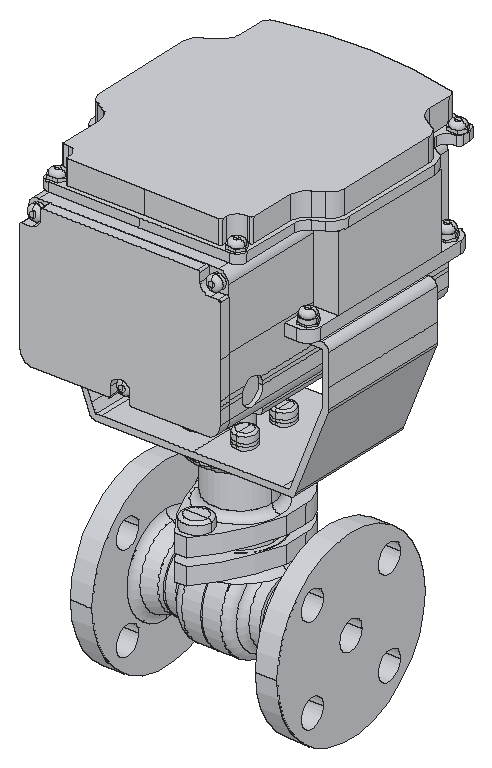
Revit family "電動二方弁_ver2021(ロゴなし)", category 電気設備, Revit 2021 (continued)
Automatic sketch dimensions
  Extrusion 41 sketch curve to Extrusion 41 sketch curve = 3.7 mm
  Extrusion 41 sketch curve to Extrusion 41 sketch curve = 7 mm
  plane 1 "中心(正面/背面)" to Extrusion 41 sketch curve = 36.395 mm
  Extrusion 41 sketch curve to plane 1 "中心(正面/背面)" = 60.605 mm
  Extrusion 41 sketch curve to Extrusion 41 sketch curve = 0.7 mm
  Extrusion 41 sketch curve to Extrusion 41 sketch curve = 7.785 mm
  Extrusion 41 sketch curve to Extrusion 41 sketch curve = 2.098 mm
  Extrusion 41 sketch curve to Extrusion 41 sketch curve = 0 mm
  Extrusion 41 sketch curve to Extrusion 41 sketch curve = 1.226 mm
  Extrusion 42 sketch curve to plane 3 "中心(左/右)" = 51.5 mm
  Extrusion 42 sketch curve to Extrusion 42 sketch curve = 5.8 mm
  Extrusion 42 sketch curve to Extrusion 42 sketch curve = 6 mm
  Extrusion 42 sketch curve to Extrusion 42 sketch curve = 6.5 mm
  Extrusion 42 sketch curve to Extrusion 42 sketch curve = 0.5 mm
  Extrusion 42 sketch curve to Extrusion 42 sketch curve = 3.7 mm
  Extrusion 42 sketch curve to Extrusion 42 sketch curve = 7 mm
  Extrusion 42 sketch curve to plane 1 "中心(正面/背面)" = 69.302 mm
  Extrusion 42 sketch curve to Extrusion 42 sketch curve = 0.212 mm
  Extrusion 42 sketch curve to Extrusion 42 sketch curve = 7.997 mm
  Extrusion 42 sketch curve to Extrusion 42 sketch curve = 0.7 mm
  plane 1 "中心(正面/背面)" to Extrusion 42 sketch curve = 29.395 mm
  Extrusion 42 sketch curve to Extrusion 42 sketch curve = 0 mm
  Extrusion 42 sketch curve to Extrusion 42 sketch curve = 1.226 mm
  Extrusion 43 sketch curve to plane 3 "中心(左/右)" = 64.592 mm
  Extrusion 43 sketch curve to Extrusion 43 sketch curve = 3.729 mm
  Extrusion 43 sketch curve to Extrusion 43 sketch curve = 1.085 mm  (x2)
  Extrusion 43 sketch curve to Extrusion 43 sketch curve = 2.797 mm  (x4)
  Extrusion 43 sketch curve to Extrusion 43 sketch curve = 7.85 mm
  Extrusion 43 sketch curve to Extrusion 43 sketch curve = 2.643 mm
  Extrusion 43 sketch curve to level = 130.361 mm
  Extrusion 43 sketch curve to Extrusion 43 sketch curve = 1.447 mm
  Extrusion 44 sketch curve to plane 3 "中心(左/右)" = 28.5 mm
  plane 3 "中心(左/右)" to Extrusion 44 sketch curve = 28.5 mm
  level to Extrusion 44 sketch curve = 161 mm
  Extrusion 44 sketch curve to Extrusion 44 sketch curve = 0.788 mm
  Revolve 45 sketch curve to plane 3 "中心(左/右)" = 60.5 mm
  Revolve 45 sketch curve to Revolve 45 sketch curve = 2.25 mm
  level to Revolve 45 sketch curve = 197.236 mm
  Revolve 45 sketch curve to Revolve 45 sketch curve = 2.264 mm
  Revolve 45 sketch curve to Revolve 45 sketch curve = 0 mm
  Revolve 45 sketch curve to Revolve 45 sketch curve = 0.936 mm
  Revolve 45 sketch curve to Revolve 45 sketch curve = 1.8 mm
  Revolve 46 sketch curve to plane 3 "中心(左/右)" = 60.5 mm
  Revolve 46 sketch curve to Revolve 46 sketch curve = 2.25 mm
  level to Revolve 46 sketch curve = 197.236 mm
  Revolve 46 sketch curve to Revolve 46 sketch curve = 2.264 mm
  Revolve 46 sketch curve to Revolve 46 sketch curve = 0 mm
  Revolve 46 sketch curve to Revolve 46 sketch curve = 0.936 mm
  Revolve 46 sketch curve to Revolve 46 sketch curve = 1.8 mm
  plane 3 "中心(左/右)" to Revolve 47 sketch curve = 56.375 mm
  Revolve 47 sketch curve to Revolve 47 sketch curve = 2.25 mm
  level to Revolve 47 sketch curve = 197.236 mm
  Revolve 47 sketch curve to Revolve 47 sketch curve = 2.264 mm
  Revolve 47 sketch curve to Revolve 47 sketch curve = 0 mm
  Revolve 47 sketch curve to Revolve 47 sketch curve = 0.936 mm
  Revolve 47 sketch curve to Revolve 47 sketch curve = 1.8 mm
  plane 3 "中心(左/右)" to Revolve 48 sketch curve = 56.375 mm
  Revolve 48 sketch curve to Revolve 48 sketch curve = 2.25 mm
  level to Revolve 48 sketch curve = 197.236 mm
  Revolve 48 sketch curve to Revolve 48 sketch curve = 2.264 mm
  Revolve 48 sketch curve to Revolve 48 sketch curve = 0 mm
  Revolve 48 sketch curve to Revolve 48 sketch curve = 0.936 mm
  Revolve 48 sketch curve to Revolve 48 sketch curve = 1.8 mm
  Extrusion 49 sketch curve to plane 1 "中心(正面/背面)" = 25.952 mm
  Extrusion 49 sketch curve to plane 3 "中心(左/右)" = 74.125 mm
  Extrusion 49 sketch curve to plane 1 "中心(正面/背面)" = 13.532 mm  (x2)
  Extrusion 49 sketch curve to plane 3 "中心(左/右)" = 23 mm
  Extrusion 49 sketch curve to plane 3 "中心(左/右)" = 6.954 mm
  Extrusion 49 sketch curve to plane 3 "中心(左/右)" = 3.046 mm
  Extrusion 49 sketch curve to plane 3 "中心(左/右)" = 1.923 mm
  plane 3 "中心(左/右)" to Extrusion 49 sketch curve = 1.923 mm
  plane 3 "中心(左/右)" to Extrusion 49 sketch curve = 3.046 mm
  plane 3 "中心(左/右)" to Extrusion 49 sketch curve = 6.954 mm
  Extrusion 49 sketch curve to Extrusion 49 sketch curve = 51.125 mm
  Extrusion 49 sketch curve to plane 1 "中心(正面/背面)" = 1.214 mm  (x2)
  Revolve 50 sketch curve to plane 3 "中心(左/右)" = 0 mm  (x2)
  Revolve 50 sketch curve to plane 3 "中心(左/右)" = 23 mm
  Revolve 50 sketch curve to Revolve 50 sketch curve = 2 mm  (x2)
  level to Revolve 50 sketch curve = 115.3 mm
  Revolve 50 sketch curve to Revolve 50 sketch curve = 5.2 mm
  Revolve 50 sketch curve to Revolve 50 sketch curve = 0.2 mm
  Extrusion 51 sketch curve to plane 1 "中心(正面/背面)" = 25.952 mm
  Extrusion 51 sketch curve to plane 3 "中心(左/右)" = 74.125 mm
  Extrusion 51 sketch curve to plane 1 "中心(正面/背面)" = 13.532 mm  (x2)
  Extrusion 51 sketch curve to plane 3 "中心(左/右)" = 23 mm
  Extrusion 51 sketch curve to plane 3 "中心(左/右)" = 6.954 mm
  Extrusion 51 sketch curve to plane 3 "中心(左/右)" = 3.046 mm
  Extrusion 51 sketch curve to plane 3 "中心(左/右)" = 1.923 mm
  plane 3 "中心(左/右)" to Extrusion 51 sketch curve = 1.923 mm
  plane 3 "中心(左/右)" to Extrusion 51 sketch curve = 3.046 mm
  plane 3 "中心(左/右)" to Extrusion 51 sketch curve = 6.954 mm
  Extrusion 51 sketch curve to Extrusion 51 sketch curve = 51.125 mm
  Extrusion 51 sketch curve to plane 1 "中心(正面/背面)" = 1.214 mm  (x2)
  Revolve 52 sketch curve to plane 3 "中心(左/右)" = 0 mm  (x2)
  Revolve 52 sketch curve to plane 3 "中心(左/右)" = 17.5 mm
  level to Revolve 52 sketch curve = 77 mm
  Revolve 52 sketch curve to Revolve 52 sketch curve = 4.3 mm
  Revolve 52 sketch curve to Revolve 52 sketch curve = 0 mm  (x2)
  Extrusion 53 sketch curve to plane 1 "中心(正面/背面)" = 24.749 mm
  level to Extrusion 53 sketch curve = 72.249 mm
  Extrusion 54 sketch curve to plane 1 "中心(正面/背面)" = 24.749 mm
  level to Extrusion 54 sketch curve = 22.751 mm
  plane 1 "中心(正面/背面)" to Extrusion 55 sketch curve = 24.749 mm
  level to Extrusion 55 sketch curve = 22.751 mm
  plane 1 "中心(正面/背面)" to Extrusion 56 sketch curve = 24.749 mm
  level to Extrusion 56 sketch curve = 22.751 mm
  Extrusion 57 sketch curve to plane 1 "中心(正面/背面)" = 0 mm
  level to Extrusion 57 sketch curve = 47.5 mm
  plane 1 "中心(正面/背面)" to Revolve 58 sketch curve = 75.7 mm
  Revolve 58 sketch curve to Revolve 58 sketch curve = 2 mm
  Revolve 58 sketch curve to Revolve 58 sketch curve = 0.6 mm
  level to Revolve 58 sketch curve = 238.5 mm
  Revolve 58 sketch curve to Revolve 58 sketch curve = 1.75 mm
  Revolve 58 sketch curve to Revolve 58 sketch curve = 0 mm  (x3)
  plane 1 "中心(正面/背面)" to Revolve 59 sketch curve = 73.1 mm
  Revolve 59 sketch curve to Revolve 59 sketch curve = 1.6 mm
  level to Revolve 59 sketch curve = 238.5 mm
  Revolve 59 sketch curve to Revolve 59 sketch curve = 3.75 mm
  Revolve 59 sketch curve to Revolve 59 sketch curve = 0 mm  (x3)
  plane 1 "中心(正面/背面)" to Revolve 60 sketch curve = 75.7 mm
  Revolve 60 sketch curve to Revolve 60 sketch curve = 2 mm
  Revolve 60 sketch curve to Revolve 60 sketch curve = 0.6 mm
  level to Revolve 60 sketch curve = 238.5 mm
  Revolve 60 sketch curve to Revolve 60 sketch curve = 1.75 mm
  Revolve 60 sketch curve to Revolve 60 sketch curve = 0 mm  (x3)
  plane 1 "中心(正面/背面)" to Revolve 61 sketch curve = 73.1 mm
  Revolve 61 sketch curve to Revolve 61 sketch curve = 1.6 mm
  level to Revolve 61 sketch curve = 238.5 mm
  Revolve 61 sketch curve to Revolve 61 sketch curve = 3.75 mm
  Revolve 61 sketch curve to Revolve 61 sketch curve = 0 mm  (x3)
  plane 1 "中心(正面/背面)" to Revolve 62 sketch curve = 75.7 mm
  Revolve 62 sketch curve to Revolve 62 sketch curve = 2 mm
  Revolve 62 sketch curve to Revolve 62 sketch curve = 0.6 mm
  level to Revolve 62 sketch curve = 174.5 mm
  Revolve 62 sketch curve to Revolve 62 sketch curve = 1.75 mm
  Revolve 62 sketch curve to Revolve 62 sketch curve = 0 mm  (x3)
  plane 1 "中心(正面/背面)" to Revolve 63 sketch curve = 73.1 mm
  Revolve 63 sketch curve to Revolve 63 sketch curve = 1.6 mm
  level to Revolve 63 sketch curve = 174.5 mm
  Revolve 63 sketch curve to Revolve 63 sketch curve = 3.75 mm
  Revolve 63 sketch curve to Revolve 63 sketch curve = 0 mm  (x3)
  Extrusion 64 sketch curve to plane 3 "中心(左/右)" = 65 mm
  Extrusion 64 sketch curve to Extrusion 64 sketch curve = 13.382 mm
  Extrusion 64 sketch curve to Extrusion 64 sketch curve = 5.3 mm  (x2)
  level to Extrusion 64 sketch curve = 205.5 mm
  Extrusion 64 sketch curve to Extrusion 64 sketch curve = 33.2 mm
  Extrusion 64 sketch curve to Extrusion 64 sketch curve = 0 mm
  Extrusion 65 sketch curve to plane 3 "中心(左/右)" = 65 mm
  Extrusion 65 sketch curve to Extrusion 65 sketch curve = 13.382 mm
  Extrusion 65 sketch curve to Extrusion 65 sketch curve = 5.3 mm  (x2)
  Extrusion 65 sketch curve to level = 205.5 mm
  Extrusion 65 sketch curve to Extrusion 65 sketch curve = 33.2 mm
  Extrusion 65 sketch curve to Extrusion 65 sketch curve = 0 mm
  Revolve 66 sketch curve to plane 3 "中心(左/右)" = 61.28 mm
  Revolve 66 sketch curve to Revolve 66 sketch curve = 1.501 mm
  Revolve 66 sketch curve to Revolve 66 sketch curve = 1.75 mm
  level to Revolve 66 sketch curve = 208.5 mm
  Revolve 66 sketch curve to Revolve 66 sketch curve = 1.322 mm
  Revolve 66 sketch curve to Revolve 66 sketch curve = 0 mm  (x2)
  Revolve 66 sketch curve to Revolve 66 sketch curve = 0.722 mm
  Extrusion 67 sketch curve to plane 3 "中心(左/右)" = 58 mm
  Extrusion 67 sketch curve to plane 1 "中心(正面/背面)" = 59.98 mm
  Extrusion 68 sketch curve to plane 3 "中心(左/右)" = 62.907 mm
  Extrusion 68 sketch curve to Extrusion 68 sketch curve = 2.454 mm  (x5)
  Extrusion 68 sketch curve to Extrusion 68 sketch curve = 4.907 mm
  Extrusion 68 sketch curve to plane 1 "中心(正面/背面)" = 55.73 mm
  Extrusion 68 sketch curve to Extrusion 68 sketch curve = 4.25 mm  (x3)
  Revolve 69 sketch curve to plane 3 "中心(左/右)" = 61.28 mm
  Revolve 69 sketch curve to Revolve 69 sketch curve = 1.501 mm
  Revolve 69 sketch curve to Revolve 69 sketch curve = 1.75 mm
  level to Revolve 69 sketch curve = 208.5 mm
  Revolve 69 sketch curve to Revolve 69 sketch curve = 1.322 mm
  Revolve 69 sketch curve to Revolve 69 sketch curve = 0 mm  (x2)
  Revolve 69 sketch curve to Revolve 69 sketch curve = 0.722 mm
  plane 3 "中心(左/右)" to Extrusion 70 sketch curve = 58.5 mm
  plane 1 "中心(正面/背面)" to Extrusion 70 sketch curve = 29.395 mm
  plane 3 "中心(左/右)" to Extrusion 71 sketch curve = 53.593 mm
  plane 1 "中心(正面/背面)" to Extrusion 71 sketch curve = 25.145 mm
  Extrusion 71 sketch curve to Extrusion 71 sketch curve = 2.454 mm  (x5)
  Extrusion 71 sketch curve to Extrusion 71 sketch curve = 4.907 mm
  plane 1 "中心(正面/背面)" to Extrusion 71 sketch curve = 29.395 mm
  Extrusion 71 sketch curve to Extrusion 71 sketch curve = 4.25 mm  (x2)
  plane 3 "中心(左/右)" to Revolve 72 sketch curve = 55.22 mm
  Revolve 72 sketch curve to Revolve 72 sketch curve = 1.501 mm
  Revolve 72 sketch curve to Revolve 72 sketch curve = 1.75 mm
  level to Revolve 72 sketch curve = 208.5 mm
  Revolve 72 sketch curve to Revolve 72 sketch curve = 1.322 mm
  Revolve 72 sketch curve to Revolve 72 sketch curve = 0 mm  (x2)
  Revolve 72 sketch curve to Revolve 72 sketch curve = 0.722 mm
  plane 3 "中心(左/右)" to Extrusion 73 sketch curve = 58.5 mm
  Extrusion 73 sketch curve to plane 1 "中心(正面/背面)" = 59.98 mm
  plane 3 "中心(左/右)" to Extrusion 74 sketch curve = 53.593 mm
  Extrusion 74 sketch curve to Extrusion 74 sketch curve = 2.454 mm  (x5)
  Extrusion 74 sketch curve to Extrusion 74 sketch curve = 4.907 mm
  Extrusion 74 sketch curve to plane 1 "中心(正面/背面)" = 55.73 mm
  Extrusion 74 sketch curve to Extrusion 74 sketch curve = 4.25 mm  (x3)
  plane 3 "中心(左/右)" to Revolve 75 sketch curve = 55.22 mm
  Revolve 75 sketch curve to Revolve 75 sketch curve = 1.501 mm
  Revolve 75 sketch curve to Revolve 75 sketch curve = 1.75 mm
  level to Revolve 75 sketch curve = 208.5 mm
  Revolve 75 sketch curve to Revolve 75 sketch curve = 1.322 mm
  Revolve 75 sketch curve to Revolve 75 sketch curve = 0 mm  (x2)
  Revolve 75 sketch curve to Revolve 75 sketch curve = 0.722 mm
  plane 3 "中心(左/右)" to Revolve 76 sketch curve = 50.936 mm
  Revolve 76 sketch curve to Revolve 76 sketch curve = 1.908 mm
  Revolve 76 sketch curve to Revolve 76 sketch curve = 1.75 mm
  level to Revolve 76 sketch curve = 250.1 mm
  Revolve 76 sketch curve to Revolve 76 sketch curve = 0.6 mm
  Revolve 76 sketch curve to Revolve 76 sketch curve = 0 mm  (x3)
  Revolve 77 sketch curve to plane 3 "中心(左/右)" = 57.314 mm
  Revolve 77 sketch curve to Revolve 77 sketch curve = 1.908 mm
  Revolve 77 sketch curve to Revolve 77 sketch curve = 1.75 mm
  level to Revolve 77 sketch curve = 250.1 mm
  Revolve 77 sketch curve to Revolve 77 sketch curve = 0.6 mm
  Revolve 77 sketch curve to Revolve 77 sketch curve = 0 mm  (x3)
  plane 3 "中心(左/右)" to Extrusion 78 sketch curve = 49.531 mm
  Extrusion 78 sketch curve to Extrusion 78 sketch curve = 2.133 mm  (x2)
  Extrusion 78 sketch curve to Extrusion 78 sketch curve = 2.177 mm
  Extrusion 78 sketch curve to Extrusion 78 sketch curve = 2.731 mm  (x2)
  Extrusion 78 sketch curve to Extrusion 78 sketch curve = 5.55 mm
  Extrusion 78 sketch curve to plane 1 "中心(正面/背面)" = 68.153 mm
  Extrusion 78 sketch curve to Extrusion 78 sketch curve = 3.694 mm  (x2)
  Extrusion 78 sketch curve to Extrusion 78 sketch curve = 3.771 mm
  Extrusion 79 sketch curve to plane 3 "中心(左/右)" = 58.719 mm
  Extrusion 79 sketch curve to Extrusion 79 sketch curve = 2.133 mm  (x2)
  Extrusion 79 sketch curve to Extrusion 79 sketch curve = 2.177 mm
  Extrusion 79 sketch curve to Extrusion 79 sketch curve = 2.731 mm  (x2)
  Extrusion 79 sketch curve to Extrusion 79 sketch curve = 5.55 mm
  Extrusion 79 sketch curve to plane 1 "中心(正面/背面)" = 68.153 mm
  Extrusion 79 sketch curve to Extrusion 79 sketch curve = 3.694 mm  (x2)
  Extrusion 79 sketch curve to Extrusion 79 sketch curve = 3.771 mm
  Extrusion 1 sketch curve to plane 1 "中心(正面/背面)" = 0 mm
  level to Extrusion 1 sketch curve = 47.437 mm
  Extrusion 7 sketch curve to plane 1 "中心(正面/背面)" = 0 mm
  level to Extrusion 7 sketch curve = 47.437 mm
  plane 1 "中心(正面/背面)" to Extrusion 80 sketch curve = 56.39 mm
  level to Extrusion 80 sketch curve = 182.782 mm
  plane 1 "中心(正面/背面)" to Extrusion 81 sketch curve = 56.39 mm
  level to Extrusion 81 sketch curve = 182.782 mm
  radius of Extrusion 2 sketch curve = 7.5 mm
  radius of Extrusion 3 sketch curve = 7.5 mm
  radius of Extrusion 4 sketch curve = 7.5 mm
  radius of Extrusion 5 sketch curve = 7.5 mm
  radius of Extrusion 6 sketch curve = 7.5 mm
  radius of Extrusion 8 sketch curve = 7.5 mm
  radius of Extrusion 12 sketch curve = 4.25 mm
  radius of Extrusion 53 sketch curve = 7.5 mm
  radius of Extrusion 54 sketch curve = 7.5 mm
  radius of Extrusion 55 sketch curve = 7.5 mm
  radius of Extrusion 56 sketch curve = 7.5 mm
  radius of Extrusion 57 sketch curve = 7.5 mm
  radius of Extrusion 67 sketch curve = 4.25 mm
  radius of Extrusion 70 sketch curve = 4.25 mm
  radius of Extrusion 73 sketch curve = 4.25 mm
Connectors
  piping at (56.882, 0, 47.437), diameter 95, driven by "配管φ"
    settings: on cut or joined group of Extrusion 1, Extrusion 2, Extrusion 3, Extrusion 4, Extrusion 5, Extrusion 6, Extrusion 8, Extrusion 55, index 1, connector inside diameter 609.6 mm, connector length 0 mm, flow factor 0, pipe flow 0.0 L/s, pressure drop 0.0 Pa, fitting loss kfactor 0, connector angle 0.00°, fixture units 0, engagement length 0 mm, angle of deflection 0.00°, flow configuration 0, flow direction 0, fitting loss method 0, system type 19, joint type 0, gender type 0, connector reference index -1, connector utility 0, adjustable connector no, is connector primary yes, connector description ""
  piping at (-49.118, 0, 47.437), diameter 95, driven by "配管2φ"
    settings: on cut or joined group of Extrusion 7, Extrusion 8, Extrusion 53, Extrusion 54, Extrusion 56, Extrusion 57, index 2, connector inside diameter 609.6 mm, connector length 0 mm, flow factor 0, pipe flow 0.0 L/s, pressure drop 0.0 Pa, fitting loss kfactor 0, connector angle 0.00°, fixture units 0, engagement length 0 mm, angle of deflection 0.00°, flow configuration 0, flow direction 0, fitting loss method 0, system type 19, joint type 0, gender type 0, connector reference index -1, connector utility 0, adjustable connector no, is connector primary no, connector description ""
  cabletrayconduit at (-48.8, -56.39, 182.782), diameter 14.031, driven by "配線φ(左側)"
    settings: on cut or joined group of Extrusion 22, Extrusion 80, Extrusion 81, index 3, connector width 300 mm, connector height 300 mm, connector angle 0.00°, system type 32, placement type 0, profile type 0, connector reference index -1, is primary connector yes, connector utility param no, connector description ""
  cabletrayconduit at (-48.8, -56.39, 182.782), diameter 14.031, driven by "配線φ(左側)"
    settings: on cut or joined group of Extrusion 22, Extrusion 80, Extrusion 81, index 4, connector width 300 mm, connector height 300 mm, connector angle 0.00°, system type 32, placement type 0, profile type 0, connector reference index -1, is primary connector no, connector utility param no, connector description ""
  cabletrayconduit at (48.8, -56.39, 182.782), diameter 14.031, driven by "配線φ(右側)"
    settings: on cut or joined group of Extrusion 22, Extrusion 80, Extrusion 81, index 5, connector width 300 mm, connector height 300 mm, connector angle 0.00°, system type 32, placement type 0, profile type 0, connector reference index -1, is primary connector no, connector utility param no, connector description ""
